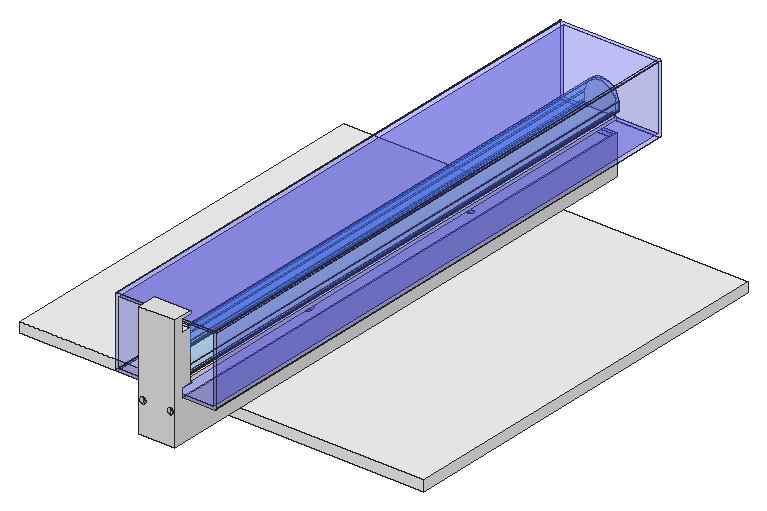
Revit family "BE_50140.2_de_DE", category Leuchten, Revit 2020
Family settings
  Basisbauteil = Fläche
  Bemaßung runder Anschluss = Durchmesser verwenden
  Teiletyp = Normal
  Beim Laden mit Abzugskörper schneiden = Ja
  Lichtquelle = Ja
  Gemeinsam genutzt = Nein
  Raumberechnungspunkt = Ja
Parameters (values of type "BEGA_50140.2_K3")
  built-in parameter 1150104 = 15.292 (stored number, unit not read)
  Wattage = 19.2 W
  Default Elevation = 0 mm
  built-in parameter 1150113 = 1 (stored number, unit not read)
  built-in parameter 1114218 = 1 (stored number, unit not read)
  Umgebungstemperatur = "25 °C"
  URL = "https://www.bega.com/de/produkt/50140.2"
  Typenkommentare = "© 2022 BEGA. Wir behalten uns das Recht vor, technische Änderungen ohne vorherige Ankündigung vorzunehmen."  # constant formula
  built-in parameter 1150134 = (empty or 0)
  built-in parameter 1150109 = 1 (stored number, unit not read)
  built-in parameter 1150110 = 1 (stored number, unit not read)
  Spannung = 239.996 V
  Sonderanfertigung = no
  Seriennummer [instance] = "Hier können Sie die eindeutige Seriennummer für das Facility Management eintragen."
  Schutzklasse = "I"
  Schutzart = "IP 20"
  Scheinlast = 0 VA
  Produktdatenblatt = "https://cdn.bega.com/bega/products/50140.2K4/current/documents/data-sheets/de"
  Neigungswinkel = 0.00°
  Modell = "50140.2K3"
  Material_34 = BEGA_Oberfläche_Samtweiss_matt
  Material_22 = BEGA_Oberfläche_Aluminium_matt
  Material_15 = BEGA_Leuchtmedium_matt
  Material_13 = BEGA_Kunststoff_matt
  Material_11 = BEGA_Glas_opal
  Material_06 = BEGA_Oberfläche_Edelstahl_gebürstet
  Material_04 = BEGA_Kunststoff_Grafit_matt
  M_W = no
  M_G = no
  M_A = no
  Logo = 0
  built-in parameter 1114217 = 1 (stored number, unit not read)
  built-in parameter 1150139 = (empty or 0)
  built-in parameter 1150105 = 251.49 (stored number, unit not read)
  built-in parameter 1150114 = 1 (stored number, unit not read)
  Lumens = 3160.32 lm
  built-in parameter 1150115 = 1 (stored number, unit not read)
  Leuchtenlichtstrom = "1864 lm"
  Lebensdauerkriterien = "L70B50 @ 25 °C = 200000 h"
  Lastklassifizierung = Beleuchtung
  built-in parameter 1150112 = 1 (stored number, unit not read)
  Lampenlichtstrom = "3150 lm"
  Lampe = "LED 19.2 W"
  LED_Modulbezeichnung = "2x LED-0783/930"
  Hersteller = "BEGA"  # constant formula
  Gewicht = "2.3 kg"
  Frequenz = "0/50-60 Hz"
  Farbwiedergabeindex = "CRI > 90"
  Farbtemperaturverschiebung bei Dämpfen der Lampe = <Keine Auswahl>
  Farbtemperatur = "3000 K"
  Color Filter = 16777215
  built-in parameter 1150133 = 10 (stored number, unit not read)
  Energieeffizienzklasse = "LED A++ - A"
  built-in parameter 1150137 = (empty or 0)
  built-in parameter 1150132 = (empty or 0)
  ENEC = "ja"
  Dimmbar [instance] = "DALI"
  Datei für fotometrisches Netz = "BE_50140K3.IES"
  CE_Konformität = "ja"
  Bestellnummer = "50140.2K3"
  Beschreibung_Sonderanfertigung = "Hier können Sie Informationen zur Sonderanfertigung eintragen."
  Beschreibung = "Wandleuchte"
  built-in parameter 1150106 = 2.5149 (stored number, unit not read)
  Befestigungsbohrung = "Ø 6 mm"
  Befestigungsabstand = "197 mm"
  BEGA_Intern_aus = yes
  BEGA_Intern_an = yes
  BEGA_Intern_Konstruktion = yes
  BEGA_Intern = yes
  BEGA_IES = yes
  BEGA_Dummy = no
  Anschlussleistung [instance] = "22.6 W"
  built-in parameter 1150107 = 3000 (stored number, unit not read)
  built-in parameter 1150102 = (empty or 0)
  built-in parameter 1150138 = (empty or 0)
  Aktualisierung = "2022-11-23T04:00:03"
  AC/DC = "AC/DC"
Types (2, lengths in mm): name | built-in parameter 1150104 | built-in parameter 1150134 | Modell | built-in parameter 1150105 | Lumens | Leuchtenlichtstrom | Lampenlichtstrom | LED_Modulbezeichnung | Farbtemperatur | Datei für fotometrisches Netz | Bestellnummer | built-in parameter 1150106 | built-in parameter 1150107
  BEGA_50140.2_K4 | 16.161 (stored number, unit not read) | 12 | "50140.2K4" | 477.68 (stored number, unit not read) | 3340.03 lm | "1976 lm" | "3340 lm" | "2x LED-0783/940" | "4000 K" | "BE_50140K4.IES" | "50140.2K4" | 4.7768 (stored number, unit not read) | 4000 (stored number, unit not read)
  BEGA_50140.2_K3 | 15.292 (stored number, unit not read) | (empty or 0) | "50140.2K3" | 251.49 (stored number, unit not read) | 3160.32 lm | "1864 lm" | "3150 lm" | "2x LED-0783/930" | "3000 K" | "BE_50140K3.IES" | "50140.2K3" | 2.5149 (stored number, unit not read) | 3000 (stored number, unit not read)
Reference planes
  plane 1 "Mitte (Vorne/Hinten)": y = 0
  plane 2: z = 0
  plane 3 "Mitte (Links/Rechts)": x = 0
  plane 4 "Links": x = -50
  plane 5 "Rechts": x = 50
  plane 6 "Unten": y = -280.75
  plane 7 "Oben": y = 280.75
  plane 8 "Vorne": z = 113
  plane 9 "Hinten": z = 0
Forms (mm)
  Extrusion 1, solid, material "BEGA_Platte_Weiss"
    sketch origin (0, -1119.2, 0) x (1, 0, 0) y (0, 1, 0)
      loop
        line (-200, 1319.2) -> (-200, 919.2) -> (200, 919.2) -> (200, 1319.2) -> (-200, 1319.2)
    from 0 to -10
  Extrusion 2, solid, material "BEGA_Dummy_matt", visible <- "BEGA_Dummy"
    sketch origin (80.095, -76.023, 0) x (1, 0, 0) y (0, 1, 0)
      loop
        line (-130.095, 346.773) -> (-130.095, -204.727) -> (-30.095, -204.727) -> (-30.095, 346.773) -> (-130.095, 346.773)
    from 0 to 113
Dimensions and locks
  plane 1 "Mitte (Vorne/Hinten)" to Extrusion 1 = 200 mm
  aligned and locked: Extrusion 1 to plane 2
  aligned and locked: Extrusion 1 to level
Nested families
  nested 1: "BE_50140.2_Leuchte" at (0, 0, 0), type "BE_50140.2_Leuchte"
Connectors
  electrical at (0, 0, 0), driven by "Lastklassifizierung", driven by "Spannung", driven by "Scheinlast"
    settings: index 1, voltage 239.996 V, apparent load 0 VA, apparent load phase1 0 VA, apparent load phase2 0 VA, apparent load phase3 0 VA, power factor 1, load classification "Beleuchtung", number of poles 1, system type 31, power factor state 1, is connector primary yes, connector utility no, sub classification motor no, connector description ""
Definition of nested family "BE_50140.2_Leuchte"
  Parameters (values of type "BE_50140.2_Leuchte")
    Default Elevation = 1 mm
    URL = "http://www.bega.de/de/produkt"
    Type Comments = "© 2015 BEGA. Wir behalten uns das Recht vor, technische Änderungen ohne vorherige Ankündigung vorzunehmen. "  # constant formula
    Type Image = (empty or 0)
    Neigungswinkel_um_Z2 = 0.00°
    Neigungswinkel_um_Z1 = 0.00°
    Neigungswinkel_um_Y2 = 0.00°
    Neigungswinkel_um_Y1 = 0.00°
    Neigungswinkel_um_X2 = 0.00°
    Neigungswinkel_um_X1 = 0.00°
    Material_34 = none
    Material_22 = none
    Material_15 = none
    Material_13 = none
    Material_11 = none
    Material_06 = none
    Material_04 = none
    M_W = yes
    M_G = yes
    M_A = yes
    Länge_Platte = 200 mm  # constant formula
    Höhe_Platte = -10 mm  # constant formula
    Manufacturer = "BEGA"  # constant formula
    Drehwinkel_um_Z2 = 0.00°
    Drehwinkel_um_Z1 = 0.00°
    Breite_Platte = 600 mm  # constant formula
  Reference planes
    plane 1 "Mitte (Oben/Unten)": y = 0
    plane 2: z = 0
    plane 3 "Mitte (Links/Rechts)": x = 0
    plane 4: x = -50
    plane 5: x = 50
    plane 6: z = 113
    plane 7: y = -280.75
    plane 8: y = 280.75
  Forms (mm)
    Extrusion 1, solid, detail levels medium
      sketch origin (0, 0, 0) x (1, 0, 0) y (0, 1, 0)
        loop
          line (-100, 300) -> (-100, -300) -> (100, -300) -> (100, 300) -> (-100, 300)
      from 0 to -10 <- "Höhe_Platte"
    Sweep 2, solid, material <- "Material_22", detail levels medium+fine
      path origin (0, 0, 0) x (1, 0, 0) y (0, 1, 0)
        loop
          line (-17.5, 265.75) -> (-17.5, -280.75) -> (17.5, -280.75) -> (17.5, 265.75) -> (-17.5, 265.75)
      profile origin (0, 265.75, 0) x (0, 1, 0) y (0, 0, 1)
        loop
          line (0, 38.8) -> (-2, 38.8) -> (-2, 34.5) -> (-14.75, 34.5) -> (-14.75, 31.5) -> (-2, 31.5) -> (-2, 0) -> (0, 0) -> (0, 38.8)
    Extrusion 3, solid, material <- "Material_22", detail levels medium+fine
      sketch origin (0, 0, 0) x (0, 1, 0) y (0, 0, 1)
        loop
          line (-280.75, 113) -> (-280.75, 34.5) -> (-271.25, 34.5) -> (-271.25, 49) -> (-262.25, 49) -> (-262.25, 97.8) -> (-271.25, 97.8) -> (-271.25, 109.8) -> (-260.75, 109.8) -> (-260.75, 113) -> (-280.75, 113)
      from -17.5 to 17.5
    Extrusion 4, solid, material <- "Material_22", detail levels medium+fine
      sketch origin (0, 0, 0) x (1, 0, 0) y (0, 1, 0)
        loop
          line (-4, -266.25) -> (3.37, -266.25) -> (3.37, 251) -> (-4, 251) -> (-4, -266.25)
      from 31.5 to 34.5
    Extrusion 5, solid, material <- "Material_34", detail levels medium+fine
      sketch origin (0, 0, 0) x (0, 1, 0) y (0, 0, 1)
        loop
          line (-262.25, 97.5) -> (-262.25, 49) -> (267.75, 49) -> (267.75, 52) -> (-258.25, 52)
          arc (-258.25, 52) -> (-258.957, 52.293) -> (-259.25, 53) r 1
          line (-259.25, 53) -> (-259.25, 97.5) -> (-262.25, 97.5)
      from -15.5 to 15.5
    Extrusion 6, solid, material <- "Material_11", detail levels medium+fine
      sketch origin (0, 0, 0) x (1, 0, 0) y (0, 0, 1)
        loop
          line (48.5, 109) -> (-48.5, 109)
          arc (-48.5, 109) -> (-49.561, 108.561) -> (-50, 107.5) r 1.5
          line (-50, 107.5) -> (-50, 40.5)
          arc (-50, 40.5) -> (-49.561, 39.439) -> (-48.5, 39) r 1.5
          line (-48.5, 39) -> (48.5, 39)
          arc (48.5, 39) -> (49.561, 39.439) -> (50, 40.5) r 1.5
          line (50, 40.5) -> (50, 107.5)
          arc (50, 107.5) -> (49.561, 108.561) -> (48.5, 109) r 1.5
        loop
          line (47, 106) -> (-47, 106) -> (-47, 42) -> (47, 42) -> (47, 106)
      from -280.75 to 269.25
    Extrusion 7, solid, material <- "Material_04", detail levels medium+fine
      sketch origin (0, 0, 0) x (0, 1, 0) y (0, 0, 1)
        loop
          line (-269.65, 34.5) -> (-269.65, 48.5) -> (-271.25, 48.5) -> (-271.25, 34.5) -> (-269.65, 34.5)
      from -15.5 to 15.5
    Extrusion 8, void
      sketch origin (0, 0, 0) x (1, 0, 0) y (0, 1, 0)
        loop
          arc (3, 101.25) -> (6, 104.25) -> (3, 107.25) r 3
          line (3, 107.25) -> (-3, 107.25)
          arc (-3, 107.25) -> (-6, 104.25) -> (-3, 101.25) r 3
          line (-3, 101.25) -> (3, 101.25)
        loop
          arc (-3, -95.75) -> (0, -98.75) -> (3, -95.75) r 3
          line (3, -95.75) -> (3, -89.75)
          arc (3, -89.75) -> (0, -86.75) -> (-3, -89.75) r 3
          line (-3, -89.75) -> (-3, -95.75)
        loop
          arc (-3, -248.75) -> (0, -251.75) -> (3, -248.75) r 3
          line (3, -248.75) -> (3, -242.75)
          arc (3, -242.75) -> (0, -239.75) -> (-3, -242.75) r 3
          line (-3, -242.75) -> (-3, -248.75)
      from 30.154 to 35.717
    Revolve 9, solid, material <- "Material_06", detail levels fine
      sketch origin (13.75, 0, 20) x (0, 1, 0) y (0, 0, -1)
        loop
          line (-280.758, -11) -> (-280.758, -13.8) -> (-279.291, -13.8) -> (-279.291, -11) -> (-280.758, -11)
        axis (-279.291, -11) -> (-280.758, -11)
      angle from 0 to 360
    Revolve 10, solid, material <- "Material_06", detail levels fine
      sketch origin (0, 0, 0) x (0, 1, 0) y (0, 0, 1)
        loop
          line (-257.75, 96.5) -> (-259.05, 96.5) -> (-259.05, 94.6) -> (-262.25, 94.6) -> (-262.25, 92.5) -> (-254.613, 92.5) -> (-254.613, 94.443)
          arc (-254.613, 94.443) -> (-254.895, 95.389) -> (-255.288, 96.295) r 8.23
          line (-255.288, 96.295) -> (-257.75, 96.5)
        axis (-254.613, 92.5) -> (-262.25, 92.5)
      angle from 0 to 360
    Extrusion 11, solid, material <- "Material_34", detail levels medium+fine
      sketch origin (0, 0, 0) x (1, 0, 0) y (0, 0, 1)
        loop
          line (-15.2, 63.6) -> (-15.2, 56.033)
          arc (-15.2, 56.033) -> (-14.897, 55.303) -> (-14.167, 55) r 1.033
          line (-14.167, 55) -> (-11.5, 55) -> (-11.5, 49) -> (11.5, 49) -> (11.5, 55) -> (14.167, 55)
          arc (14.167, 55) -> (14.897, 55.303) -> (15.2, 56.033) r 1.033
          line (15.2, 56.033) -> (15.2, 63.6)
          arc (15.2, 63.6) -> (0, 78.8) -> (-15.2, 63.6) r 15.2
      from -270.75 to -267.75
    Extrusion 12, solid, material <- "Material_13", detail levels medium+fine
      sketch origin (0, 0, 0) x (1, 0, 0) y (0, 0, 1)
        loop
          line (-14.1, 53.557) -> (-12.122, 53.644)
          arc (-12.122, 53.644) -> (-11.501, 54.321) -> (-12.178, 54.943) r 0.65
          line (-12.178, 54.943) -> (-14.156, 54.856)
          arc (-14.156, 54.856) -> (-14.892, 55.133) -> (-15.2, 55.855) r 1
          line (-15.2, 55.855) -> (-15.2, 63.6)
          arc (-15.2, 63.6) -> (0, 78.8) -> (15.2, 63.6) r 15.2
          line (15.2, 63.6) -> (15.2, 55.855)
          arc (15.2, 55.855) -> (14.892, 55.133) -> (14.156, 54.856) r 1
          line (14.156, 54.856) -> (12.178, 54.943)
          arc (12.178, 54.943) -> (11.501, 54.321) -> (12.122, 53.644) r 0.65
          line (12.122, 53.644) -> (14.1, 53.557)
          arc (14.1, 53.557) -> (15.79, 54.194) -> (16.5, 55.855) r 2.3
          line (16.5, 55.855) -> (16.5, 63.6)
          arc (16.5, 63.6) -> (0, 80.1) -> (-16.5, 63.6) r 16.5
          line (-16.5, 63.6) -> (-16.5, 55.855)
          arc (-16.5, 55.855) -> (-15.79, 54.194) -> (-14.1, 53.557) r 2.3
      from -270.75 to 259.25
    Revolve 13, solid, material <- "Material_06", detail levels fine
      sketch origin (-13.75, 0, 20) x (0, 1, 0) y (0, 0, 1)
        loop
          line (-280.758, 11) -> (-279.291, 11) -> (-279.291, 13.8) -> (-280.758, 13.8) -> (-280.758, 11)
        axis (-279.291, 11) -> (-280.758, 11)
      angle from 0 to 360
  Cuts and joins
    Extrusion 8 cuts Sweep 2
    Extrusion 8 cuts Extrusion 3
    Extrusion 8 cuts Extrusion 4
    joined: Sweep 2, Extrusion 3, Extrusion 4
    Extrusion 8 cuts Extrusion 5
    joined: Extrusion 5, Extrusion 11
    Extrusion 8 cuts Extrusion 6
  Dimensions and locks
    equal spacing: Extrusion 1 sketch curve, plane 3 "Mitte (Links/Rechts)", Extrusion 1 sketch curve
    equal spacing: Extrusion 1 sketch curve, plane 1 "Mitte (Oben/Unten)", Extrusion 1 sketch curve
    "Länge_Platte": Extrusion 1 sketch curve to Extrusion 1 sketch curve
    "Breite_Platte": Extrusion 1 sketch curve to Extrusion 1 sketch curve
    aligned and locked: Extrusion 1 to plane 2
    aligned and locked: level to Extrusion 1
  Automatic sketch dimensions
    Sweep 2 sketch curve to plane 3 "Mitte (Links/Rechts)" = 17.5 mm
    plane 3 "Mitte (Links/Rechts)" to Sweep 2 sketch curve = 17.5 mm
    Sweep 2 sketch curve to level = 0 mm
    Sweep 2 sketch curve to profile plane = 0 mm
    profile plane to Sweep 2 sketch curve = 2 mm  (x2)
    Sweep 2 sketch curve to Sweep 2 sketch curve = 12.75 mm
    level to Sweep 2 sketch curve = 31.5 mm
    Sweep 2 sketch curve to Sweep 2 sketch curve = 3 mm
    Sweep 2 sketch curve to Sweep 2 sketch curve = 4.3 mm
    Extrusion 3 sketch curve to plane 6 = 0 mm
    Extrusion 3 sketch curve to Extrusion 3 sketch curve = 9.5 mm  (x2)
    Extrusion 3 sketch curve to Extrusion 3 sketch curve = 9 mm
    Extrusion 3 sketch curve to Extrusion 3 sketch curve = 10.5 mm
    Extrusion 3 sketch curve to Extrusion 3 sketch curve = 3.2 mm
    Extrusion 3 sketch curve to Extrusion 3 sketch curve = 12 mm
    Extrusion 3 sketch curve to Extrusion 3 sketch curve = 48.8 mm
    Extrusion 3 sketch curve to Extrusion 3 sketch curve = 14.5 mm
    Extrusion 4 sketch curve to plane 3 "Mitte (Links/Rechts)" = 4 mm
    plane 3 "Mitte (Links/Rechts)" to Extrusion 4 sketch curve = 3.37 mm
    Extrusion 5 sketch curve to Extrusion 5 sketch curve = 3 mm  (x2)
    Extrusion 5 sketch curve to Extrusion 5 sketch curve = 1 mm
    level to Extrusion 5 sketch curve = 49 mm
    plane 6 to Extrusion 5 sketch curve = 15.5 mm
    Extrusion 6 sketch curve to plane 4 = 0 mm
    plane 5 to Extrusion 6 sketch curve = 0 mm
    plane 4 to Extrusion 6 sketch curve = 1.5 mm  (x2)
    Extrusion 6 sketch curve to Extrusion 6 sketch curve = 1.5 mm  (x4)
    plane 5 to Extrusion 6 sketch curve = 3 mm
    plane 5 to Extrusion 6 sketch curve = 1.5 mm
    level to Extrusion 6 sketch curve = 39 mm
    plane 6 to Extrusion 6 sketch curve = 7 mm
    Extrusion 7 sketch curve to Extrusion 7 sketch curve = 1.6 mm
    level to Extrusion 7 sketch curve = 34.5 mm
    Extrusion 7 sketch curve to Extrusion 7 sketch curve = 14 mm
    Extrusion 8 sketch curve to plane 3 "Mitte (Links/Rechts)" = 0 mm  (x2)
    Extrusion 8 sketch curve to Extrusion 8 sketch curve = 3 mm  (x3)
    Extrusion 8 sketch curve to plane 3 "Mitte (Links/Rechts)" = 3 mm
    plane 3 "Mitte (Links/Rechts)" to Extrusion 8 sketch curve = 3 mm
    Extrusion 8 sketch curve to Extrusion 8 sketch curve = 6 mm  (x2)
    plane 1 "Mitte (Oben/Unten)" to Extrusion 8 sketch curve = 95.75 mm
    Extrusion 8 sketch curve to plane 1 "Mitte (Oben/Unten)" = 101.25 mm
    level to Revolve 9 sketch curve = 31 mm  (x2)
    Revolve 9 sketch curve to Revolve 9 sketch curve = 1.467 mm
    Revolve 9 sketch curve to Revolve 9 sketch curve = 2.8 mm
    plane 1 "Mitte (Oben/Unten)" to Revolve 9 sketch curve = 78.504 mm
    Revolve 9 sketch curve to Revolve 9 sketch curve = 0.8 mm
    Revolve 10 sketch curve to Revolve 10 sketch curve = 0.377 mm
    Revolve 10 sketch curve to Revolve 10 sketch curve = 3.2 mm
    Revolve 10 sketch curve to Revolve 10 sketch curve = 1.3 mm
    plane 6 to Revolve 10 sketch curve = 16.705 mm
    Revolve 10 sketch curve to Revolve 10 sketch curve = 2.462 mm
    Revolve 10 sketch curve to Revolve 10 sketch curve = 0.675 mm
    Revolve 10 sketch curve to Revolve 10 sketch curve = 1.695 mm
    Revolve 10 sketch curve to Revolve 10 sketch curve = 1.852 mm
    Revolve 10 sketch curve to Revolve 10 sketch curve = 1.943 mm
    Revolve 10 sketch curve to Revolve 10 sketch curve = 1.9 mm
    Revolve 10 sketch curve to Revolve 10 sketch curve = 1.089 mm
    Revolve 10 sketch curve to Revolve 10 sketch curve = 0.048 mm
    Revolve 10 sketch curve to Revolve 10 sketch curve = 0 mm
    Extrusion 11 sketch curve to plane 3 "Mitte (Links/Rechts)" = 0 mm
    Extrusion 11 sketch curve to plane 3 "Mitte (Links/Rechts)" = 11.5 mm
    Extrusion 11 sketch curve to Extrusion 11 sketch curve = 2.667 mm
    Extrusion 11 sketch curve to Extrusion 11 sketch curve = 1.033 mm  (x2)
    Extrusion 11 sketch curve to Extrusion 11 sketch curve = 3.7 mm
    level to Extrusion 11 sketch curve = 49 mm
    Extrusion 11 sketch curve to Extrusion 11 sketch curve = 6 mm  (x2)
    Extrusion 11 sketch curve to Extrusion 11 sketch curve = 7.567 mm
    Extrusion 12 sketch curve to Extrusion 12 sketch curve = 0 mm  (x15)
    Extrusion 12 sketch curve to plane 3 "Mitte (Links/Rechts)" = 0 mm
    Extrusion 12 sketch curve to plane 3 "Mitte (Links/Rechts)" = 12.15 mm
    Extrusion 12 sketch curve to Extrusion 12 sketch curve = 0.028 mm  (x4)
    Extrusion 12 sketch curve to Extrusion 12 sketch curve = 1.95 mm  (x2)
    Extrusion 12 sketch curve to Extrusion 12 sketch curve = 2.022 mm
    Extrusion 12 sketch curve to Extrusion 12 sketch curve = 1 mm  (x2)
    Extrusion 12 sketch curve to Extrusion 12 sketch curve = 1.3 mm
    Extrusion 12 sketch curve to Extrusion 12 sketch curve = 3.05 mm
    level to Extrusion 12 sketch curve = 53.557 mm
    Extrusion 12 sketch curve to Extrusion 12 sketch curve = 0.736 mm  (x2)
    Extrusion 12 sketch curve to Extrusion 12 sketch curve = 0.649 mm  (x2)
    Extrusion 12 sketch curve to Extrusion 12 sketch curve = 7.745 mm
    Extrusion 12 sketch curve to Extrusion 12 sketch curve = 0.044 mm  (x2)
    level to Revolve 13 sketch curve = 31 mm  (x2)
    Revolve 13 sketch curve to Revolve 13 sketch curve = 1.467 mm
    Revolve 13 sketch curve to Revolve 13 sketch curve = 2.8 mm
    plane 1 "Mitte (Oben/Unten)" to Revolve 13 sketch curve = 78.504 mm
    Revolve 13 sketch curve to Revolve 13 sketch curve = 0.8 mm
    Sweep 2 sketch curve to plane 1 "Mitte (Oben/Unten)" = 265.75 mm
    Extrusion 4 sketch curve to plane 1 "Mitte (Oben/Unten)" = 251 mm
    Extrusion 5 sketch curve to plane 1 "Mitte (Oben/Unten)" = 267.75 mm
    plane 1 "Mitte (Oben/Unten)" to Sweep 2 sketch curve = 280.75 mm
    plane 1 "Mitte (Oben/Unten)" to Extrusion 3 sketch curve = 280.75 mm
    plane 1 "Mitte (Oben/Unten)" to Extrusion 4 sketch curve = 266.25 mm
    plane 1 "Mitte (Oben/Unten)" to Extrusion 5 sketch curve = 258.25 mm
    plane 1 "Mitte (Oben/Unten)" to Extrusion 7 sketch curve = 271.25 mm
    Extrusion 8 sketch curve to Extrusion 8 sketch curve = 147 mm
    Revolve 9 sketch curve to Revolve 9 sketch curve = 200.786 mm
    plane 1 "Mitte (Oben/Unten)" to Revolve 10 sketch curve = 262.627 mm
    Revolve 13 sketch curve to Revolve 13 sketch curve = 200.786 mm
